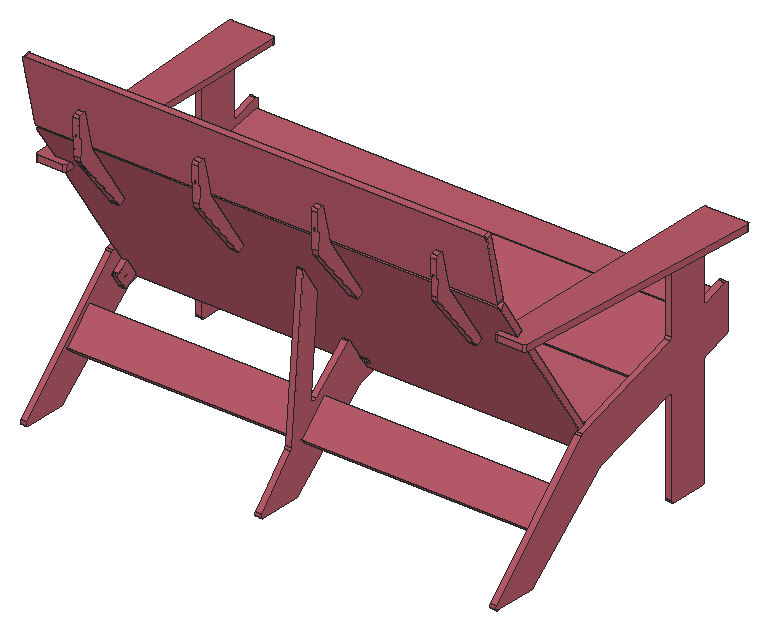
Revit family "Lollygagger_Tall_Sofa", category Furniture, Revit 2016 (continued)
Lines and regions (in)
  symbolic lines, detail levels medium+fine
    curve 45: spline (-23.1875, -12.61307, 0) -> (-23.18536, -12.60573, 0) -> (-23.17898, -12.59852, 0) -> (-23.16847, -12.59155, 0) -> (-23.15401, -12.58495, 0) -> (-23.13584, -12.57884, 0) -> (-23.11428, -12.57331, 0) -> (-23.08969, -12.56846, 0) -> (-23.0625, -12.56437, 0) -> (-23.03317, -12.56112, 0) -> (-23.0022, -12.55875, 0) -> (-22.97013, -12.55732, 0) -> (-22.9375, -12.55684, 0)
    curve 46: line (22.9375, -12.51294, 0) -> (-22.9375, -12.51294, 0)
    curve 47: line (-22.9375, -12.55684, 0) -> (22.9375, -12.55684, 0)
    curve 48: spline (22.9375, -12.55684, 0) -> (22.97013, -12.55732, 0) -> (23.0022, -12.55875, 0) -> (23.03317, -12.56112, 0) -> (23.0625, -12.56437, 0) -> (23.08969, -12.56846, 0) -> (23.11428, -12.57331, 0) -> (23.13584, -12.57884, 0) -> (23.15401, -12.58495, 0) -> (23.16847, -12.59155, 0) -> (23.17898, -12.59852, 0) -> (23.18536, -12.60573, 0) -> (23.1875, -12.61307, 0)
    curve 49: spline (23.1875, -12.37678, 0) -> (23.18536, -12.39455, 0) -> (23.17898, -12.41202, 0) -> (23.16847, -12.42889, 0) -> (23.15401, -12.44486, 0) -> (23.13584, -12.45967, 0) -> (23.11428, -12.47306, 0) -> (23.08969, -12.4848, 0) -> (23.0625, -12.4947, 0) -> (23.03317, -12.50258, 0) -> (23.0022, -12.5083, 0) -> (22.97013, -12.51178, 0) -> (22.9375, -12.51294, 0)
    curve 50: spline (-22.9375, -14.13149, 0) -> (-22.97013, -14.13101, 0) -> (-23.0022, -14.12958, 0) -> (-23.03317, -14.12721, 0) -> (-23.0625, -14.12396, 0) -> (-23.08969, -14.11987, 0) -> (-23.11428, -14.11502, 0) -> (-23.13584, -14.10949, 0) -> (-23.15401, -14.10337, 0) -> (-23.16847, -14.09678, 0) -> (-23.17898, -14.08981, 0) -> (-23.18536, -14.0826, 0) -> (-23.1875, -14.07526, 0)
    curve 51: line (22.9375, -14.13149, 0) -> (-22.9375, -14.13149, 0)
    curve 58: spline (22.9375, -12.51294, 0) -> (22.97013, -12.51178, 0) -> (23.0022, -12.5083, 0) -> (23.03317, -12.50258, 0) -> (23.0625, -12.4947, 0) -> (23.08969, -12.4848, 0) -> (23.11428, -12.47306, 0) -> (23.13584, -12.45967, 0) -> (23.15401, -12.44486, 0) -> (23.16847, -12.42889, 0) -> (23.17898, -12.41202, 0) -> (23.18536, -12.39455, 0) -> (23.1875, -12.37678, 0)
    curve 59: spline (23.1875, -12.61307, 0) -> (23.18536, -12.60573, 0) -> (23.17898, -12.59852, 0) -> (23.16847, -12.59155, 0) -> (23.15401, -12.58495, 0) -> (23.13584, -12.57884, 0) -> (23.11428, -12.57331, 0) -> (23.08969, -12.56846, 0) -> (23.0625, -12.56437, 0) -> (23.03317, -12.56112, 0) -> (23.0022, -12.55875, 0) -> (22.97013, -12.55732, 0) -> (22.9375, -12.55684, 0)
    curve 60: spline (22.9375, -14.13149, 0) -> (22.97013, -14.13101, 0) -> (23.0022, -14.12958, 0) -> (23.03317, -14.12721, 0) -> (23.0625, -14.12396, 0) -> (23.08969, -14.11987, 0) -> (23.11428, -14.11502, 0) -> (23.13584, -14.10949, 0) -> (23.15401, -14.10337, 0) -> (23.16847, -14.09678, 0) -> (23.17898, -14.08981, 0) -> (23.18536, -14.0826, 0) -> (23.1875, -14.07526, 0)
    curve 63: line (0, 10.05316, 22.22123) -> (0, 10.05316, 22.14873)
    curve 64: line (0, 10.05316, 22.14873) -> (0, 9.42797, 22.14873)
    curve 65: line (0, 9.42797, 22.14873) -> (0, 9.42797, 22.22123)
    curve 66: line (0, 7.74047, 9.45673) -> (0, 7.74047, 9.74222)
    curve 67: line (0, 7.41469, 9.98046) -> (0, -1.24942, 7.22453)
    curve 68: line (0, -1.42355, 7.12744) -> (0, -1.99643, 6.63564)
    curve 69: arc (0, -1.24942, 7.22453) -> (0, -1.34137, 7.18475) -> (0, -1.42355, 7.12744) r 0.5
    curve 70: arc (0, 7.74047, 9.74222) -> (0, 7.63805, 9.94402) -> (0, 7.41469, 9.98046) r 0.25
    curve 71: line (0, -2.56293, 11.39646) -> (0, -3.17831, 11.19652)
    curve 72: line (0, -3.19578, 11.19084) -> (0, -3.38758, 11.12852)
    curve 73: arc (0, -3.38758, 11.12852) -> (0, -3.49432, 11.07931) -> (0, -3.58663, 11.00654) r 0.5
    curve 74: line (0, -14.16639, 0.42678) -> (0, -3.58663, 11.00654)
Dimensions and locks (in)
  "Length": plane 5 to plane 4
  equal spacing: plane 5, plane 3 "Center Left/Right", plane 4
  "Thick": plane 7 to plane 4
  "Thick": plane 5 to plane 8
  locked: Extrusion 4 to plane 4 at 2.3125
  locked: plane 5 to Extrusion 1 at 2.3125
  aligned and locked: level to plane 2
  aligned and locked: plane 7 to Extrusion 10
  aligned and locked: Extrusion 8 to plane 8
  aligned and locked: Extrusion 49 to plane 7
  aligned and locked: plane 8 to Extrusion 42
  aligned and locked: plane 9 to Extrusion 8
  aligned and locked: Masking region 2 to plane 9
  aligned and locked: plane 8 to Extrusion 53
  aligned and locked: Extrusion 53 to plane 7
Automatic sketch dimensions
  Extrusion 1 sketch curve to Extrusion 1 sketch curve = 0.01426"  (x2)
  Extrusion 1 sketch curve to Extrusion 1 sketch curve = 0.24959"
  Extrusion 1 sketch curve to Extrusion 1 sketch curve = 1/4"  (x2)
  Extrusion 1 sketch curve to Extrusion 1 sketch curve = 25 3/4"
  Extrusion 1 sketch curve to Extrusion 1 sketch curve = 0"
  Extrusion 1 sketch curve to Extrusion 1 sketch curve = 2.51388"
  Extrusion 1 sketch curve to Extrusion 1 sketch curve = 3.98531"
  Extrusion 3 sketch curve to Extrusion 3 sketch curve = 0.01426"  (x2)
  Extrusion 3 sketch curve to Extrusion 3 sketch curve = 0.24959"
  Extrusion 3 sketch curve to Extrusion 3 sketch curve = 1/4"  (x2)
  Extrusion 3 sketch curve to Extrusion 3 sketch curve = 25 3/4"
  Extrusion 3 sketch curve to Extrusion 3 sketch curve = 0"
  Extrusion 3 sketch curve to Extrusion 3 sketch curve = 2.51388"
  Extrusion 3 sketch curve to Extrusion 3 sketch curve = 3.98531"
  Extrusion 4 sketch curve to Extrusion 4 sketch curve = 0.01426"  (x2)
  Extrusion 4 sketch curve to Extrusion 4 sketch curve = 0.24959"
  Extrusion 4 sketch curve to Extrusion 4 sketch curve = 1/4"  (x2)
  Extrusion 4 sketch curve to Extrusion 4 sketch curve = 25 3/4"
  Extrusion 4 sketch curve to Extrusion 4 sketch curve = 0"
  Extrusion 4 sketch curve to Extrusion 4 sketch curve = 2.51388"
  Extrusion 4 sketch curve to Extrusion 4 sketch curve = 3.98531"
  Extrusion 8 sketch curve to Extrusion 8 sketch curve = 0.07725"  (x3)
  Extrusion 8 sketch curve to Extrusion 8 sketch curve = 0.07578"  (x3)
  Extrusion 8 sketch curve to Extrusion 8 sketch curve = 0.15156"
  Extrusion 8 sketch curve to Extrusion 8 sketch curve = 0.17413"
  Extrusion 8 sketch curve to Extrusion 8 sketch curve = 4.17099"
  Extrusion 8 sketch curve to Extrusion 8 sketch curve = 0.32725"
  Extrusion 8 sketch curve to Extrusion 8 sketch curve = 1/4"  (x5)
  Extrusion 8 sketch curve to Extrusion 8 sketch curve = 3 1/2"
  Extrusion 8 sketch curve to Extrusion 8 sketch curve = 4"
  Extrusion 8 sketch curve to Extrusion 8 sketch curve = 0.17275"
  Extrusion 8 sketch curve to Extrusion 8 sketch curve = 8.58834"
  Extrusion 8 sketch curve to Extrusion 8 sketch curve = 1.98365"
  Extrusion 8 sketch curve to Extrusion 8 sketch curve = 0.15451"
  Extrusion 8 sketch curve to Extrusion 8 sketch curve = 0.19904"
  Extrusion 8 sketch curve to Extrusion 8 sketch curve = 8.23223"
  Extrusion 8 sketch curve to Extrusion 8 sketch curve = 0.16284"
  Extrusion 8 sketch curve to Extrusion 8 sketch curve = 0.17678"  (x3)
  Extrusion 8 sketch curve to Extrusion 8 sketch curve = 0.17422"
  Extrusion 8 sketch curve to Extrusion 8 sketch curve = 2.34549"
  Extrusion 8 sketch curve to Extrusion 8 sketch curve = 2.57578"
  Extrusion 8 sketch curve to Extrusion 8 sketch curve = 1.46214"
  Extrusion 8 sketch curve to Extrusion 8 sketch curve = 3.65674"
  Extrusion 8 sketch curve to Extrusion 8 sketch curve = 0.84342"
  Extrusion 8 sketch curve to Extrusion 8 sketch curve = 3.5596"
  Extrusion 8 sketch curve to Extrusion 8 sketch curve = 0.12197"
  Extrusion 8 sketch curve to Extrusion 8 sketch curve = 1.19315"
  Extrusion 8 sketch curve to Extrusion 8 sketch curve = 3.42846"
  Extrusion 8 sketch curve to Extrusion 8 sketch curve = 0.0971"
  Extrusion 8 sketch curve to Extrusion 8 sketch curve = 6.70066"
  Extrusion 8 sketch curve to Extrusion 8 sketch curve = 9.49222"
  Extrusion 8 sketch curve to Extrusion 8 sketch curve = 0.52433"
  Extrusion 8 sketch curve to Extrusion 8 sketch curve = 5.83322"
  Extrusion 9 sketch curve to Extrusion 9 sketch curve = 0.07725"  (x3)
  Extrusion 9 sketch curve to Extrusion 9 sketch curve = 0.07578"  (x3)
  Extrusion 9 sketch curve to Extrusion 9 sketch curve = 0.15156"
  Extrusion 9 sketch curve to Extrusion 9 sketch curve = 0.17413"
  Extrusion 9 sketch curve to Extrusion 9 sketch curve = 4.17099"
  Extrusion 9 sketch curve to Extrusion 9 sketch curve = 0.32725"
  Extrusion 9 sketch curve to Extrusion 9 sketch curve = 1/4"  (x5)
  Extrusion 9 sketch curve to Extrusion 9 sketch curve = 3 1/2"
  Extrusion 9 sketch curve to Extrusion 9 sketch curve = 4"
  Extrusion 9 sketch curve to Extrusion 9 sketch curve = 0.17275"
  Extrusion 9 sketch curve to Extrusion 9 sketch curve = 8.58834"
  Extrusion 9 sketch curve to Extrusion 9 sketch curve = 1.98365"
  Extrusion 9 sketch curve to Extrusion 9 sketch curve = 0.15451"
  Extrusion 9 sketch curve to Extrusion 9 sketch curve = 0.19904"
  Extrusion 9 sketch curve to Extrusion 9 sketch curve = 8.23223"
  Extrusion 9 sketch curve to Extrusion 9 sketch curve = 0.16284"
  Extrusion 9 sketch curve to Extrusion 9 sketch curve = 0.17678"  (x3)
  Extrusion 9 sketch curve to Extrusion 9 sketch curve = 0.17422"
  Extrusion 9 sketch curve to Extrusion 9 sketch curve = 2.34549"
  Extrusion 9 sketch curve to Extrusion 9 sketch curve = 2.57578"
  Extrusion 9 sketch curve to Extrusion 9 sketch curve = 1.46214"
  Extrusion 9 sketch curve to Extrusion 9 sketch curve = 3.65674"
  Extrusion 9 sketch curve to Extrusion 9 sketch curve = 0.84342"
  Extrusion 9 sketch curve to Extrusion 9 sketch curve = 3.5596"
  Extrusion 9 sketch curve to Extrusion 9 sketch curve = 0.12197"
  Extrusion 9 sketch curve to Extrusion 9 sketch curve = 1.19315"
  Extrusion 9 sketch curve to Extrusion 9 sketch curve = 3.42846"
  Extrusion 9 sketch curve to Extrusion 9 sketch curve = 0.0971"
  Extrusion 9 sketch curve to Extrusion 9 sketch curve = 6.70066"
  Extrusion 9 sketch curve to Extrusion 9 sketch curve = 9.49222"
  Extrusion 9 sketch curve to Extrusion 9 sketch curve = 0.52433"
  Extrusion 9 sketch curve to Extrusion 9 sketch curve = 5.83322"
  Extrusion 10 sketch curve to Extrusion 10 sketch curve = 0.07725"  (x3)
  Extrusion 10 sketch curve to Extrusion 10 sketch curve = 0.07578"  (x3)
  Extrusion 10 sketch curve to Extrusion 10 sketch curve = 0.15156"
  Extrusion 10 sketch curve to Extrusion 10 sketch curve = 0.17413"
  Extrusion 10 sketch curve to Extrusion 10 sketch curve = 4.17099"
  Extrusion 10 sketch curve to Extrusion 10 sketch curve = 0.32725"
  Extrusion 10 sketch curve to Extrusion 10 sketch curve = 1/4"  (x5)
  Extrusion 10 sketch curve to Extrusion 10 sketch curve = 3 1/2"
  Extrusion 10 sketch curve to Extrusion 10 sketch curve = 4"
  Extrusion 10 sketch curve to Extrusion 10 sketch curve = 0.17275"
  Extrusion 10 sketch curve to Extrusion 10 sketch curve = 8.58834"
  Extrusion 10 sketch curve to Extrusion 10 sketch curve = 1.98365"
  Extrusion 10 sketch curve to Extrusion 10 sketch curve = 0.15451"
  Extrusion 10 sketch curve to Extrusion 10 sketch curve = 0.19904"
  Extrusion 10 sketch curve to Extrusion 10 sketch curve = 8.23223"
  Extrusion 10 sketch curve to Extrusion 10 sketch curve = 0.16284"
  Extrusion 10 sketch curve to Extrusion 10 sketch curve = 0.17678"  (x3)
  Extrusion 10 sketch curve to Extrusion 10 sketch curve = 0.17422"
  Extrusion 10 sketch curve to Extrusion 10 sketch curve = 2.34549"
  Extrusion 10 sketch curve to Extrusion 10 sketch curve = 2.57578"
  Extrusion 10 sketch curve to Extrusion 10 sketch curve = 1.46214"
  Extrusion 10 sketch curve to Extrusion 10 sketch curve = 3.65674"
  Extrusion 10 sketch curve to Extrusion 10 sketch curve = 0.84342"
  Extrusion 10 sketch curve to Extrusion 10 sketch curve = 3.5596"
  Extrusion 10 sketch curve to Extrusion 10 sketch curve = 0.12197"
  Extrusion 10 sketch curve to Extrusion 10 sketch curve = 1.19315"
  Extrusion 10 sketch curve to Extrusion 10 sketch curve = 3.42846"
  Extrusion 10 sketch curve to Extrusion 10 sketch curve = 0.0971"
  Extrusion 10 sketch curve to Extrusion 10 sketch curve = 6.70066"
  Extrusion 10 sketch curve to Extrusion 10 sketch curve = 9.49222"
  Extrusion 10 sketch curve to Extrusion 10 sketch curve = 0.52433"
  Extrusion 10 sketch curve to Extrusion 10 sketch curve = 5.83322"
  Extrusion 16 sketch curve to Extrusion 16 sketch curve = 0.75006"
  Extrusion 17 sketch curve to Extrusion 17 sketch curve = 0.67321"
  Extrusion 17 sketch curve to Extrusion 17 sketch curve = 0.13541"
  Extrusion 16 sketch curve to Extrusion 16 sketch curve = 0.24898"
  Extrusion 16 sketch curve to Extrusion 16 sketch curve = 0.37591"
  Extrusion 16 sketch curve to Extrusion 16 sketch curve = 1.31352"
  Extrusion 16 sketch curve to Extrusion 16 sketch curve = 0.75097"
  Extrusion 17 sketch curve to Extrusion 17 sketch curve = 0.34044"
  Extrusion 17 sketch curve to Extrusion 17 sketch curve = 0.13462"
  Extrusion 17 sketch curve to Extrusion 17 sketch curve = 1.65284"
  Extrusion 17 sketch curve to Extrusion 17 sketch curve = 0.43196"
  Extrusion 17 sketch curve to Extrusion 17 sketch curve = 0.34407"
  Extrusion 17 sketch curve to Extrusion 17 sketch curve = 0.91656"
  Extrusion 17 sketch curve to Extrusion 17 sketch curve = 0.98984"
  Extrusion 16 sketch curve to Extrusion 16 sketch curve = 1/4"
  Extrusion 17 sketch curve to Extrusion 17 sketch curve = 0.00845"
  Extrusion 24 sketch curve to Extrusion 24 sketch curve = 0.19222"
  Extrusion 24 to Extrusion 25 sketch curve = 0.31204"
  Extrusion 25 sketch curve to Extrusion 24 = 1.57556"
  Extrusion 24 sketch curve to Extrusion 24 sketch curve = 0.04835"
  Extrusion 24 sketch curve to Extrusion 24 sketch curve = 0.1934"
  Extrusion 24 sketch curve to Extrusion 24 sketch curve = 0.11539"
  Extrusion 24 sketch curve to Extrusion 24 sketch curve = 0.62424"
  Extrusion 24 sketch curve to Extrusion 24 sketch curve = 0.05777"
  Extrusion 24 sketch curve to Extrusion 24 sketch curve = 0.10771"
  Extrusion 24 sketch curve to Extrusion 24 sketch curve = 0.23492"
  Extrusion 24 sketch curve to Extrusion 24 sketch curve = 0.48671"
  Extrusion 24 sketch curve to Extrusion 24 sketch curve = 0.31703"
  Extrusion 26 sketch curve to Extrusion 26 sketch curve = 0.19222"
  Extrusion 26 to Extrusion 27 sketch curve = 0.31204"
  Extrusion 27 sketch curve to Extrusion 26 = 1.57556"
  Extrusion 26 sketch curve to Extrusion 26 sketch curve = 0.04835"
  Extrusion 26 sketch curve to Extrusion 26 sketch curve = 0.1934"
  Extrusion 26 sketch curve to Extrusion 26 sketch curve = 0.11539"
  Extrusion 26 sketch curve to Extrusion 26 sketch curve = 0.62424"
  Extrusion 26 sketch curve to Extrusion 26 sketch curve = 0.05777"
  Extrusion 26 sketch curve to Extrusion 26 sketch curve = 0.10771"
  Extrusion 26 sketch curve to Extrusion 26 sketch curve = 0.23492"
  Extrusion 26 sketch curve to Extrusion 26 sketch curve = 0.48671"
  Extrusion 26 sketch curve to Extrusion 26 sketch curve = 0.31703"
  Extrusion 28 sketch curve to Extrusion 28 sketch curve = 0.19222"
  Extrusion 28 to Extrusion 29 sketch curve = 0.31204"
  Extrusion 29 sketch curve to Extrusion 28 = 1.57556"
  Extrusion 28 sketch curve to Extrusion 28 sketch curve = 0.04835"
  Extrusion 28 sketch curve to Extrusion 28 sketch curve = 0.1934"
  Extrusion 28 sketch curve to Extrusion 28 sketch curve = 0.11539"
  Extrusion 28 sketch curve to Extrusion 28 sketch curve = 0.62424"
  Extrusion 28 sketch curve to Extrusion 28 sketch curve = 0.05777"
  Extrusion 28 sketch curve to Extrusion 28 sketch curve = 0.10771"
  Extrusion 28 sketch curve to Extrusion 28 sketch curve = 0.23492"
  Extrusion 28 sketch curve to Extrusion 28 sketch curve = 0.48671"
  Extrusion 28 sketch curve to Extrusion 28 sketch curve = 0.31703"
  Extrusion 30 sketch curve to Extrusion 30 sketch curve = 0.19222"
  Extrusion 30 to Extrusion 31 sketch curve = 0.31204"
  Extrusion 31 sketch curve to Extrusion 30 = 1.57556"
  Extrusion 30 sketch curve to Extrusion 30 sketch curve = 0.04835"
  Extrusion 30 sketch curve to Extrusion 30 sketch curve = 0.1934"
  Extrusion 30 sketch curve to Extrusion 30 sketch curve = 0.11539"
  Extrusion 30 sketch curve to Extrusion 30 sketch curve = 0.62424"
  Extrusion 30 sketch curve to Extrusion 30 sketch curve = 0.05777"
  Extrusion 30 sketch curve to Extrusion 30 sketch curve = 0.10771"
  Extrusion 30 sketch curve to Extrusion 30 sketch curve = 0.23492"
  Extrusion 30 sketch curve to Extrusion 30 sketch curve = 0.48671"
  Extrusion 30 sketch curve to Extrusion 30 sketch curve = 0.31703"
  Extrusion 32 sketch curve to Extrusion 32 sketch curve = 0.19222"
  Extrusion 32 to Extrusion 33 sketch curve = 0.31204"
  Extrusion 33 sketch curve to Extrusion 32 = 1.57556"
  Extrusion 32 sketch curve to Extrusion 32 sketch curve = 0.04835"
  Extrusion 32 sketch curve to Extrusion 32 sketch curve = 0.1934"
  Extrusion 32 sketch curve to Extrusion 32 sketch curve = 0.11539"
  Extrusion 32 sketch curve to Extrusion 32 sketch curve = 0.62424"
  Extrusion 32 sketch curve to Extrusion 32 sketch curve = 0.05777"
  Extrusion 32 sketch curve to Extrusion 32 sketch curve = 0.10771"
  Extrusion 32 sketch curve to Extrusion 32 sketch curve = 0.23492"
  Extrusion 32 sketch curve to Extrusion 32 sketch curve = 0.48671"
  Extrusion 32 sketch curve to Extrusion 32 sketch curve = 0.31703"
  Extrusion 32 sketch curve to Extrusion 32 sketch curve = 0.20165"
  Extrusion 32 sketch curve to Extrusion 32 sketch curve = 3.41039"
  Extrusion 32 sketch curve to Extrusion 32 sketch curve = 6.97885"
  Extrusion 32 sketch curve to Extrusion 32 sketch curve = 0.08551"
  Extrusion 32 sketch curve to Extrusion 32 sketch curve = 0.47513"
  Extrusion 32 sketch curve to Extrusion 32 sketch curve = 0.51835"
  Extrusion 32 sketch curve to Extrusion 32 sketch curve = 0.90243"
  Extrusion 24 sketch curve to Extrusion 24 sketch curve = 0.20165"
  Extrusion 24 sketch curve to Extrusion 24 sketch curve = 3.41039"
  Extrusion 24 sketch curve to Extrusion 24 sketch curve = 6.97885"
  Extrusion 24 sketch curve to Extrusion 24 sketch curve = 0.08551"
  Extrusion 24 sketch curve to Extrusion 24 sketch curve = 0.47513"
  Extrusion 24 sketch curve to Extrusion 24 sketch curve = 0.51835"
  Extrusion 24 sketch curve to Extrusion 24 sketch curve = 0.90243"
  Extrusion 26 sketch curve to Extrusion 26 sketch curve = 0.20165"
  Extrusion 26 sketch curve to Extrusion 26 sketch curve = 3.41039"
  Extrusion 26 sketch curve to Extrusion 26 sketch curve = 6.97885"
  Extrusion 26 sketch curve to Extrusion 26 sketch curve = 0.08551"
  Extrusion 26 sketch curve to Extrusion 26 sketch curve = 0.47513"
  Extrusion 26 sketch curve to Extrusion 26 sketch curve = 0.51835"
  Extrusion 26 sketch curve to Extrusion 26 sketch curve = 0.90243"
  Extrusion 28 sketch curve to Extrusion 28 sketch curve = 0.20165"
  Extrusion 28 sketch curve to Extrusion 28 sketch curve = 3.41039"
  Extrusion 28 sketch curve to Extrusion 28 sketch curve = 6.97885"
  Extrusion 28 sketch curve to Extrusion 28 sketch curve = 0.08551"
  Extrusion 28 sketch curve to Extrusion 28 sketch curve = 0.47513"
  Extrusion 28 sketch curve to Extrusion 28 sketch curve = 0.51835"
  Extrusion 28 sketch curve to Extrusion 28 sketch curve = 0.90243"
  Extrusion 30 sketch curve to Extrusion 30 sketch curve = 0.20165"
  Extrusion 30 sketch curve to Extrusion 30 sketch curve = 3.41039"
  Extrusion 30 sketch curve to Extrusion 30 sketch curve = 6.97885"
  Extrusion 30 sketch curve to Extrusion 30 sketch curve = 0.08551"
  Extrusion 30 sketch curve to Extrusion 30 sketch curve = 0.47513"
  Extrusion 30 sketch curve to Extrusion 30 sketch curve = 0.51835"
  Extrusion 30 sketch curve to Extrusion 30 sketch curve = 0.90243"
  Extrusion 39 sketch curve to Extrusion 39 sketch curve = 0.75006"
  Extrusion 40 sketch curve to Extrusion 40 sketch curve = 0.67321"
  Extrusion 40 sketch curve to Extrusion 40 sketch curve = 0.13541"
  Extrusion 39 sketch curve to Extrusion 39 sketch curve = 0.24898"
  Extrusion 39 sketch curve to Extrusion 39 sketch curve = 0.37591"
  Extrusion 39 sketch curve to Extrusion 39 sketch curve = 1.31352"
  Extrusion 39 sketch curve to Extrusion 39 sketch curve = 0.75097"
  Extrusion 40 sketch curve to Extrusion 40 sketch curve = 0.34044"
  Extrusion 40 sketch curve to Extrusion 40 sketch curve = 0.13462"
  Extrusion 40 sketch curve to Extrusion 40 sketch curve = 1.65284"
  Extrusion 40 sketch curve to Extrusion 40 sketch curve = 0.43196"
  Extrusion 40 sketch curve to Extrusion 40 sketch curve = 0.34407"
  Extrusion 40 sketch curve to Extrusion 40 sketch curve = 0.91656"
  Extrusion 40 sketch curve to Extrusion 40 sketch curve = 0.98984"
  Extrusion 39 sketch curve to Extrusion 39 sketch curve = 1/4"
  Extrusion 40 sketch curve to Extrusion 40 sketch curve = 0.00845"
  Extrusion 41 sketch curve to Extrusion 41 sketch curve = 0.19256"  (x2)
  Extrusion 41 sketch curve to Extrusion 41 sketch curve = 0.05198"  (x2)
  Extrusion 41 sketch curve to Extrusion 41 sketch curve = 0.27288"  (x2)
  Extrusion 41 sketch curve to Extrusion 41 sketch curve = 0.81193"
  Extrusion 41 sketch curve to Extrusion 41 sketch curve = 0.60331"
  Extrusion 41 sketch curve to Extrusion 41 sketch curve = 0.24454"  (x2)
  Extrusion 41 sketch curve to Extrusion 41 sketch curve = 0.31187"
  Extrusion 41 sketch curve to Extrusion 41 sketch curve = 0.52275"
  Extrusion 42 sketch curve to Extrusion 42 sketch curve = 1.08928"
  Extrusion 42 sketch curve to Extrusion 42 sketch curve = 1.10076"
  Extrusion 42 sketch curve to Extrusion 42 sketch curve = 0.13616"  (x2)
  Extrusion 42 sketch curve to Extrusion 42 sketch curve = 0.09438"
  Extrusion 42 sketch curve to Extrusion 42 sketch curve = 0.20967"  (x2)
  Extrusion 42 sketch curve to Extrusion 42 sketch curve = 0.72258"
  Extrusion 42 sketch curve to Extrusion 42 sketch curve = 0.07351"
  Extrusion 42 sketch curve to Extrusion 42 sketch curve = 183/256"
  Extrusion 42 sketch curve to Extrusion 42 sketch curve = 0.83303"
  Extrusion 42 sketch curve to Extrusion 42 sketch curve = 0.34583"
  Extrusion 43 sketch curve to Extrusion 43 sketch curve = 0"
  Extrusion 43 sketch curve to Extrusion 43 sketch curve = 0.17678"  (x4)
  Extrusion 43 sketch curve to Extrusion 43 sketch curve = 0.92808"  (x3)
  Extrusion 43 sketch curve to Extrusion 43 sketch curve = 0.79599"
  Extrusion 43 sketch curve to Extrusion 43 sketch curve = 0.08789"
  Extrusion 43 sketch curve to Extrusion 43 sketch curve = 0.79641"
  Extrusion 43 sketch curve to Extrusion 43 sketch curve = 0.35355"
  Extrusion 44 sketch curve to Extrusion 44 sketch curve = 0.00016"  (x2)
  Extrusion 44 sketch curve to Extrusion 44 sketch curve = 1 3/4"
  Extrusion 44 sketch curve to Extrusion 44 sketch curve = 5/16"
  Extrusion 44 sketch curve to Extrusion 44 sketch curve = 0.00108"  (x2)
  Extrusion 45 sketch curve to Extrusion 45 sketch curve = 0.15555"
  Extrusion 45 sketch curve to Extrusion 45 sketch curve = 0.20841"
  Extrusion 45 sketch curve to Extrusion 45 sketch curve = 0.29159"
  Extrusion 45 sketch curve to Extrusion 45 sketch curve = 0.00513"
  Extrusion 45 sketch curve to Extrusion 45 sketch curve = 0.28646"
  Extrusion 45 sketch curve to Extrusion 45 sketch curve = 0.33229"
  Extrusion 45 sketch curve to Extrusion 45 sketch curve = 0.16771"
  Extrusion 45 sketch curve to Extrusion 45 sketch curve = 0.12064"
  Extrusion 45 sketch curve to Extrusion 45 sketch curve = 1/256"
  Extrusion 45 sketch curve to Extrusion 45 sketch curve = 0.48789"  (x2)
  Extrusion 45 sketch curve to Extrusion 45 sketch curve = 0.20729"
  curve 52 to plane 5 = 0"
  curve 52 to plane 8 = 0"
  curve 57 to plane 7 = 0"
  curve 61 to plane 4 = 0"
  curve 41 to plane 8 = 1/8"
  curve 46 to plane 8 = 1/4"
  curve 51 to plane 8 = 1/4"
  curve 47 to curve 44 = 0"
  curve 41 to curve 41 = 1 5/16"
  curve 40 to curve 32 = 1/4"
  curve 38 to plane 3 "Center Left/Right" = 5/16"
  plane 3 "Center Left/Right" to curve 39 = 5/16"
  plane 7 to curve 53 = 1 11/16"
  curve 54 to curve 55 = 1/4"
  plane 7 to curve 51 = 1/4"
  plane 7 to curve 46 = 1/4"
  curve 47 to curve 58 = 0"
  plane 7 to curve 55 = 1/8"
  plane 1 "Center Front/Back" to curve 38 = 2.16819"
  plane 6 to curve 32 = 4.70592"
  plane 6 to curve 53 = 4.70592"
  curve 55 to curve 54 = 0.13616"
  curve 41 to curve 40 = 0.13616"
  curve 57 to curve 55 = 0.06808"
  curve 43 to curve 42 = 0.06808"
  plane 6 to curve 46 = 2.22753"
  curve 47 to curve 58 = 0.0439"
  plane 6 to curve 51 = 0.60898"
  curve 34 to plane 1 "Center Front/Back" = 4.01756"
  curve 35 to curve 34 = 0.11929"
  curve 37 to curve 38 = 0.19758"
  curve 44 to curve 52 = 1.00341"
  curve 46 to curve 61 = 1.00341"
  curve 46 to curve 49 = 0.13616"
  curve 58 to curve 49 = 0"
  curve 46 to curve 44 = 0.13616"
  curve 45 to curve 44 = 0.23629"
  curve 48 to curve 58 = 0.23629"
  curve 59 to curve 48 = 0"
  curve 51 to curve 60 = 0.05624"
  curve 50 to curve 50 = 0.05624"
  curve 43 to curve 50 = 0.16436"
  curve 57 to curve 60 = 0.16436"
  plane 5 to curve 16 = 0"
  plane 8 to curve 12 = 0"
  plane 8 to curve 20 = 0"
  plane 8 to curve 17 = 0"
  plane 7 to curve 4 = 0"
  plane 7 to curve 10 = 0"
  plane 7 to curve 1 = 0"
  plane 4 to curve 10 = 0"
  curve 13 to plane 8 = 1/8"
  curve 19 to plane 8 = 7/8"
  curve 19 to curve 13 = 9/16"
  curve 14 to curve 21 = 1/4"
  curve 15 to curve 20 = 0"
  plane 7 to curve 3 = 1 11/16"
  curve 7 to curve 1 = 0"
  curve 6 to curve 5 = 1/4"
  curve 2 to curve 8 = 13/16"
  plane 7 to curve 5 = 1/8"
  level to curve 8 = 22.14873"
  level to curve 18 = 22.14873"
  curve 18 to curve 22 = 0.0725"
  curve 8 to curve 3 = 0.0725"
  curve 21 to curve 21 = 5/8"
  curve 2 to curve 2 = 5/8"
  curve 20 to curve 15 = 0.05553"
  curve 1 to curve 7 = 0.05553"
  curve 6 to curve 5 = 0.20967"
  curve 20 to curve 13 = 0.2652"
  plane 5 to curve 18 = 7/8"
  curve 22 to curve 18 = 0.008"
  curve 8 to plane 4 = 7/8"
  curve 8 to curve 3 = 0.008"
  curve 16 to curve 17 = 5.23638"
  curve 10 to curve 11 = 5.23638"
  level to curve 11 = 0.25498"
  level to curve 17 = 0.25498"
  curve 21 to curve 15 = 0.25713"
  curve 2 to curve 7 = 0.25713"
  curve 4 to curve 4 = 0.10483"
  curve 12 to curve 12 = 0.10483"
  plane 6 to curve 28 = 3.23095"
  curve 27 to curve 30 = 1 19/32"
  plane 1 "Center Front/Back" to curve 74 = 3.58663"
  curve 73 to curve 72 = 0.19904"
  curve 73 to curve 73 = 0.15451"
  plane 1 "Center Front/Back" to curve 68 = 1.42355"
  curve 68 to curve 67 = 0.17413"
  curve 69 to curve 69 = 0.15156"
  curve 70 to curve 70 = 0.07578"
  curve 70 to curve 66 = 1/4"
  curve 64 to curve 64 = 0.62519"
  level to curve 69 = 6.74806"
  curve 69 to curve 68 = 0.37938"
  curve 69 to curve 66 = 2.99417"
  curve 67 to curve 73 = 3.42846"
  curve 73 to curve 74 = 0.35355"
  curve 74 to curve 30 = 10.44545"
  curve 67 to curve 64 = 12.16827"
  curve 29 to curve 28 = 0.76924"
  curve 27 to curve 27 = 5/8"
  plane 6 to curve 24 = 1.70337"
  curve 23 to curve 24 = 0.12871"
  plane 6 to curve 23 = 0.78585"
  plane 6 to curve 74 = 0.57408"
  curve 26 to curve 24 = 0.7658"
  curve 24 to curve 25 = 0.16463"
  curve 25 to curve 30 = 0.16375"
  curve 30 to curve 31 = 0.0775"
  curve 25 to curve 25 = 0.40837"
  curve 25 to curve 26 = 0.17222"
  curve 26 to curve 28 = 0.41588"
  curve 29 to curve 31 = 2.61913"
  curve 72 to curve 72 = 0.1918"
  curve 72 to curve 71 = 0.01747"
  curve 71 to curve 71 = 0.61538"
  curve 68 to curve 69 = 0.57288"
  curve 62 to curve 65 = 1.7025"
  curve 63 to curve 62 = 1.70231"
  curve 68 to curve 69 = 0.4918"
  level to curve 74 = 0.42678"
  curve 66 to curve 70 = 0.28549"
  curve 72 to curve 72 = 0.06232"
  curve 72 to curve 71 = 0.00568"
  curve 71 to curve 71 = 0.19995"
  curve 64 to curve 65 = 0.0725"
  curve 26 to curve 25 = 0.2652"
  curve 26 to curve 24 = 3.53151"
  curve 24 to curve 23 = 0.30251"
  curve 23 to curve 23 = 3.41671"
  Masking region 1 sketch curve to plane 5 = 0"
  Masking region 1 sketch curve to plane 8 = 0"
  Masking region 1 sketch curve to plane 6 = 0"
  Masking region 1 sketch curve to plane 7 = 0"
  Masking region 1 sketch curve to plane 4 = 0"
  plane 5 to Masking region 1 sketch curve = 0.45138"
  Masking region 1 sketch curve to Masking region 1 sketch curve = 0.24959"  (x4)
  plane 5 to Masking region 1 sketch curve = 1.92281"
  Masking region 1 sketch curve to plane 8 = 1/4"
  Masking region 1 sketch curve to plane 8 = 1 7/16"
  plane 7 to Masking region 1 sketch curve = 1.68531"
  Masking region 1 sketch curve to Masking region 1 sketch curve = 0.24781"  (x2)
  plane 7 to Masking region 1 sketch curve = 1/4"
  Masking region 1 sketch curve to plane 4 = 0.45138"
  Masking region 1 sketch curve to plane 4 = 1.92281"
  plane 6 to Masking region 1 sketch curve = 0.05624"  (x2)
  Masking region 1 sketch curve to Masking region 1 sketch curve = 0.44462"
  plane 6 to Masking region 1 sketch curve = 0.50086"
  Masking region 1 sketch curve to Masking region 1 sketch curve = 2.73009"  (x2)
  Masking region 1 sketch curve to Masking region 1 sketch curve = 0.23574"  (x2)
  Masking region 2 sketch curve to plane 6 = 0"
  Masking region 2 sketch curve to level = 0"  (x2)
  plane 6 to Masking region 2 sketch curve = 0.08715"
  plane 6 to Masking region 2 sketch curve = 0.19928"
  plane 6 to Masking region 2 sketch curve = 0.28078"
  Masking region 2 sketch curve to Masking region 2 sketch curve = 0.24987"
  plane 6 to Masking region 2 sketch curve = 0.41637"
  plane 6 to Masking region 2 sketch curve = 0.56416"
  plane 6 to Masking region 2 sketch curve = 0.60898"
  Masking region 2 sketch curve to Masking region 2 sketch curve = 0.18669"
  Masking region 2 sketch curve to Masking region 2 sketch curve = 0.50506"
  Masking region 2 sketch curve to Masking region 2 sketch curve = 0.78239"
  Masking region 2 sketch curve to Masking region 2 sketch curve = 0.3759"
  Masking region 2 sketch curve to Masking region 2 sketch curve = 0.0225"
  Masking region 2 sketch curve to Masking region 2 sketch curve = 0.05089"
  Masking region 2 sketch curve to Masking region 2 sketch curve = 0.05533"
  Masking region 2 sketch curve to Masking region 2 sketch curve = 0.3145"
  Masking region 2 sketch curve to Masking region 2 sketch curve = 0.2211"
  Masking region 2 sketch curve to Masking region 2 sketch curve = 0.0439"
  plane 6 to Masking region 2 sketch curve = 3.81151"
  Masking region 2 sketch curve to Masking region 2 sketch curve = 0.37339"
  Masking region 2 sketch curve to Masking region 2 sketch curve = 0.12471"
  Masking region 2 sketch curve to Masking region 2 sketch curve = 2.51445"
  level to Masking region 2 sketch curve = 1/4"  (x4)
  Masking region 2 sketch curve to Masking region 2 sketch curve = 4.17099"
  Masking region 2 sketch curve to Masking region 2 sketch curve = 0.21468"
  level to Masking region 2 sketch curve = 0.06031"
  Masking region 2 sketch curve to Masking region 2 sketch curve = 0.40588"
  Masking region 2 sketch curve to Masking region 2 sketch curve = 0.1956"
  Masking region 2 sketch curve to Masking region 2 sketch curve = 0.13616"
  Masking region 2 sketch curve to Masking region 2 sketch curve = 0.36142"
  Masking region 2 sketch curve to Masking region 2 sketch curve = 0.02981"
  Masking region 2 sketch curve to Masking region 2 sketch curve = 0.12452"
  Masking region 2 sketch curve to Masking region 2 sketch curve = 2.31367"
  Masking region 2 sketch curve to Masking region 2 sketch curve = 0.4981"
  Masking region 2 sketch curve to Masking region 2 sketch curve = 1.63928"
  Masking region 2 sketch curve to Masking region 2 sketch curve = 0.32454"
  Masking region 2 sketch curve to Masking region 2 sketch curve = 0.07858"
  Masking region 2 sketch curve to Masking region 2 sketch curve = 0.24905"
  plane 1 "Center Front/Back" to Masking region 2 sketch curve = 3.36525"
  Masking region 2 sketch curve to Masking region 2 sketch curve = 0.08114"
  Masking region 2 sketch curve to Masking region 2 sketch curve = 0.05615"
  Masking region 2 sketch curve to Masking region 2 sketch curve = 0.03159"
  Masking region 2 sketch curve to Masking region 2 sketch curve = 0.63345"
  plane 1 "Center Front/Back" to Masking region 2 sketch curve = 1.95269"
  Masking region 2 sketch curve to plane 1 "Center Front/Back" = 5.28321"
  Masking region 2 sketch curve to Masking region 2 sketch curve = 1.61807"
  Masking region 2 sketch curve to Masking region 2 sketch curve = 2.211"
  Masking region 2 sketch curve to Masking region 2 sketch curve = 0.17557"
  Masking region 2 sketch curve to Masking region 2 sketch curve = 0.8392"
  Masking region 2 sketch curve to Masking region 2 sketch curve = 0.17422"
  Masking region 2 sketch curve to Masking region 2 sketch curve = 1/4"  (x3)
  Masking region 2 sketch curve to Masking region 2 sketch curve = 0.07725"  (x2)
  Masking region 2 sketch curve to Masking region 2 sketch curve = 4.23182"
  Masking region 2 sketch curve to Masking region 2 sketch curve = 0.28896"
  level to Masking region 2 sketch curve = 6.67318"
  Masking region 2 sketch curve to Masking region 2 sketch curve = 3.07397"
  Masking region 2 sketch curve to Masking region 2 sketch curve = 0.38036"
  Masking region 2 sketch curve to Masking region 2 sketch curve = 8.90277"
  Masking region 2 sketch curve to Masking region 2 sketch curve = 0.30396"
  Masking region 2 sketch curve to Masking region 2 sketch curve = 4.42922"
  Masking region 2 sketch curve to Masking region 2 sketch curve = 1.71688"
  Masking region 2 sketch curve to Masking region 2 sketch curve = 0.09509"
  Masking region 2 sketch curve to Masking region 2 sketch curve = 0.01026"
  Masking region 2 sketch curve to Masking region 2 sketch curve = 0.17213"
  Masking region 2 sketch curve to Masking region 2 sketch curve = 0.84342"
  Masking region 2 sketch curve to Masking region 2 sketch curve = 0.2092"
  Masking region 2 sketch curve to Masking region 2 sketch curve = 3.65674"
  Masking region 2 sketch curve to Masking region 2 sketch curve = 0.52433"
  Masking region 2 sketch curve to Masking region 2 sketch curve = 6.08333"
  Masking region 2 sketch curve to Masking region 2 sketch curve = 0.02179"
  Masking region 2 sketch curve to Masking region 2 sketch curve = 2.44257"
  Masking region 2 sketch curve to Masking region 2 sketch curve = 0.05397"
  Masking region 2 sketch curve to Masking region 2 sketch curve = 0.17249"
  Masking region 2 sketch curve to Masking region 2 sketch curve = 0.01089"
  Masking region 2 sketch curve to Masking region 2 sketch curve = 2.10531"
  Masking region 2 sketch curve to Masking region 2 sketch curve = 0"
  Masking region 2 sketch curve to Masking region 2 sketch curve = 5/8"
  Masking region 2 sketch curve to Masking region 2 sketch curve = 2.81772"
  Masking region 2 sketch curve to Masking region 2 sketch curve = 0.59054"
  Masking region 2 sketch curve to Masking region 2 sketch curve = 0.09099"
  Masking region 2 sketch curve to Masking region 2 sketch curve = 0.11988"
  Masking region 2 sketch curve to Masking region 2 sketch curve = 0.09744"
  Masking region 2 sketch curve to Masking region 2 sketch curve = 0.25166"
  plane 5 to Masking region 3 sketch curve = 0"
  plane 8 to Masking region 3 sketch curve = 0"  (x3)
  Masking region 3 sketch curve to level = 0"  (x3)
  plane 7 to Masking region 3 sketch curve = 0"  (x3)
  plane 4 to Masking region 3 sketch curve = 0"
  plane 5 to Masking region 3 sketch curve = 0.883"
  Masking region 3 sketch curve to Masking region 3 sketch curve = 1.28981"  (x2)
  Masking region 3 sketch curve to plane 8 = 1/4"
  level to Masking region 3 sketch curve = 0.26998"  (x2)
  Masking region 3 sketch curve to plane 8 = 1 3/4"
  Masking region 3 sketch curve to Masking region 3 sketch curve = 1/4"  (x2)
  Masking region 3 sketch curve to plane 8 = 2"
  Masking region 3 sketch curve to plane 3 "Center Left/Right" = 15/16"
  Masking region 3 sketch curve to plane 3 "Center Left/Right" = 5/16"  (x2)
  plane 3 "Center Left/Right" to Masking region 3 sketch curve = 5/16"  (x2)
  plane 7 to Masking region 3 sketch curve = 2"  (x2)
  plane 7 to Masking region 3 sketch curve = 1/4"  (x3)
  Masking region 3 sketch curve to Masking region 3 sketch curve = 0.883"
  Masking region 3 sketch curve to Masking region 3 sketch curve = 4.16986"
  Masking region 3 sketch curve to Masking region 3 sketch curve = 0.29419"  (x2)
  Masking region 3 sketch curve to Masking region 3 sketch curve = 3.27037"  (x2)
  Masking region 3 sketch curve to Masking region 3 sketch curve = 0.19257"  (x2)
  Masking region 3 sketch curve to Masking region 3 sketch curve = 14.22174"  (x2)
  Masking region 3 sketch curve to Masking region 3 sketch curve = 0.0725"  (x2)
  Masking region 3 sketch curve to Masking region 3 sketch curve = 0.6975"  (x2)
  Masking region 3 sketch curve to Masking region 3 sketch curve = 3.66224"  (x2)
  Masking region 3 sketch curve to Masking region 3 sketch curve = 0.41537"  (x2)
  Masking region 3 sketch curve to Masking region 3 sketch curve = 6.474"  (x2)
  Masking region 3 sketch curve to Masking region 3 sketch curve = 0.24359"
  Masking region 3 sketch curve to plane 8 = 0.14994"
  Masking region 3 sketch curve to Masking region 3 sketch curve = 0.10006"  (x2)
  plane 7 to Masking region 3 sketch curve = 0.14994"
  Masking region 3 sketch curve to Masking region 3 sketch curve = 0.19214"  (x2)
  Extrusion 2 sketch curve to plane 7 = 0"  (x2)
  Extrusion 2 sketch curve to plane 8 = 0"  (x2)
  Extrusion 2 sketch curve to Extrusion 2 sketch curve = 1/4"  (x3)
  Extrusion 2 sketch curve to plane 7 = 1/4"
  Extrusion 2 sketch curve to Extrusion 2 sketch curve = 1/8"  (x7)
  plane 7 to Extrusion 2 sketch curve = 1/8"  (x2)
  plane 7 to Extrusion 2 sketch curve = 1/4"
  Extrusion 2 sketch curve to Extrusion 2 sketch curve = 1 5/16"
  Extrusion 2 sketch curve to Extrusion 2 sketch curve = 0"  (x2)
  plane 3 "Center Left/Right" to Extrusion 2 sketch curve = 0.4525"
  plane 3 "Center Left/Right" to Extrusion 2 sketch curve = 0.0675"
  Extrusion 2 sketch curve to plane 3 "Center Left/Right" = 0.0675"
  Extrusion 2 sketch curve to Extrusion 2 sketch curve = 0.26"
  Extrusion 2 sketch curve to plane 8 = 1 11/16"
  Extrusion 2 sketch curve to plane 8 = 1/4"
  Extrusion 2 sketch curve to plane 8 = 1/8"  (x2)
  plane 8 to Extrusion 2 sketch curve = 1/4"  (x2)
  Extrusion 2 sketch curve to Extrusion 2 sketch curve = 2 1/2"
  Extrusion 2 sketch curve to Extrusion 2 sketch curve = 2 3/4"  (x2)
  Extrusion 2 sketch curve to Extrusion 2 sketch curve = 13.97553"  (x2)
  Extrusion 2 sketch curve to Extrusion 2 sketch curve = 0.09897"  (x2)
  Extrusion 2 sketch curve to Extrusion 2 sketch curve = 3.9255"
  Extrusion 5 sketch curve to plane 5 = 5/16"
  Extrusion 5 sketch curve to Extrusion 5 sketch curve = 1/8"  (x3)
  Extrusion 5 sketch curve to plane 7 = 3/16"  (x2)
  Extrusion 5 sketch curve to Extrusion 5 sketch curve = 5 3/4"
  Extrusion 6 sketch curve to plane 8 = 0"
  Extrusion 6 sketch curve to plane 7 = 0"
  Extrusion 6 sketch curve to Extrusion 6 sketch curve = 7.72963"
  level to Extrusion 7 sketch curve = 0.26998"  (x2)
  Extrusion 7 sketch curve to Extrusion 7 sketch curve = 1/8"  (x3)
  Extrusion 7 sketch curve to Extrusion 7 sketch curve = 1/4"  (x2)
  Extrusion 7 sketch curve to plane 8 = 2"
  Extrusion 7 sketch curve to Extrusion 7 sketch curve = 10.3275"  (x2)
  plane 7 to Extrusion 7 sketch curve = 2.26"
  Extrusion 7 sketch curve to Extrusion 7 sketch curve = 0.26"
  Extrusion 7 sketch curve to plane 5 = 5/16"
  Extrusion 7 sketch curve to Extrusion 7 sketch curve = 4"  (x2)
  plane 4 to Extrusion 7 sketch curve = 5/16"
  Extrusion 11 sketch curve to plane 7 = 0"
  Extrusion 11 sketch curve to plane 8 = 0"
  plane 7 to Extrusion 11 sketch curve = 1/4"
  Extrusion 11 sketch curve to Extrusion 11 sketch curve = 1/4"  (x2)
  Extrusion 11 sketch curve to plane 8 = 1/4"
  Extrusion 11 sketch curve to Extrusion 11 sketch curve = 6 1/2"
  Extrusion 12 sketch curve to plane 8 = 0"
  Extrusion 12 sketch curve to plane 7 = 0"
  Extrusion 12 sketch curve to Extrusion 12 sketch curve = 4"
  Extrusion 13 sketch curve to level = 0"
  plane 6 to Extrusion 13 sketch curve = 0.56416"
  Extrusion 13 sketch curve to Extrusion 13 sketch curve = 0.18669"
  plane 6 to Extrusion 13 sketch curve = 3.81151"
  Extrusion 13 sketch curve to Extrusion 13 sketch curve = 0.37339"
  Extrusion 13 sketch curve to Extrusion 13 sketch curve = 0.12471"
  level to Extrusion 13 sketch curve = 1/4"
  Extrusion 13 sketch curve to Extrusion 13 sketch curve = 4.17099"
  level to Extrusion 13 sketch curve = 0.06031"
  plane 6 to Extrusion 13 sketch curve = 5.65035"
  Extrusion 13 sketch curve to Extrusion 13 sketch curve = 0.06973"
  Extrusion 13 sketch curve to Extrusion 13 sketch curve = 0.05145"
  Extrusion 13 sketch curve to Extrusion 13 sketch curve = 2.31367"
  Extrusion 13 sketch curve to Extrusion 13 sketch curve = 0.4981"
  Extrusion 13 sketch curve to Extrusion 13 sketch curve = 1.64283"
  Extrusion 13 sketch curve to Extrusion 13 sketch curve = 0.32454"
  Extrusion 13 sketch curve to Extrusion 13 sketch curve = 0.08006"
  Extrusion 13 sketch curve to Extrusion 13 sketch curve = 0.13458"
  plane 1 "Center Front/Back" to Extrusion 13 sketch curve = 3.36566"
  Extrusion 13 sketch curve to Extrusion 13 sketch curve = 0.08144"
  Extrusion 13 sketch curve to Extrusion 13 sketch curve = 0.10523"
  Extrusion 13 sketch curve to Extrusion 13 sketch curve = 0.68168"
  Extrusion 13 sketch curve to Extrusion 13 sketch curve = 0.34857"  (x2)
  Extrusion 13 sketch curve to Extrusion 13 sketch curve = 0.09084"
  Extrusion 13 sketch curve to Extrusion 13 sketch curve = 0.12079"
  plane 1 "Center Front/Back" to Extrusion 13 sketch curve = 2.0002"
  Extrusion 13 sketch curve to Extrusion 13 sketch curve = 0.18818"
  Extrusion 13 sketch curve to Extrusion 13 sketch curve = 0.10778"
  Extrusion 13 sketch curve to Extrusion 13 sketch curve = 0.07615"
  Extrusion 13 sketch curve to plane 1 "Center Front/Back" = 4.04978"
  Extrusion 13 sketch curve to Extrusion 13 sketch curve = 1.23354"
  Extrusion 13 sketch curve to Extrusion 13 sketch curve = 2.85149"
  Extrusion 13 sketch curve to Extrusion 13 sketch curve = 4.41008"
  Extrusion 13 sketch curve to Extrusion 13 sketch curve = 0.04537"  (x2)
  Extrusion 13 sketch curve to Extrusion 13 sketch curve = 0.11517"
  Extrusion 13 sketch curve to Extrusion 13 sketch curve = 0.0798"
  Extrusion 13 sketch curve to Extrusion 13 sketch curve = 0.43165"
  Extrusion 13 sketch curve to Extrusion 13 sketch curve = 0.46521"
  Extrusion 13 sketch curve to Extrusion 13 sketch curve = 0.12509"
  Extrusion 13 sketch curve to Extrusion 13 sketch curve = 0.0144"
  Extrusion 13 sketch curve to Extrusion 13 sketch curve = 1/4"
  Extrusion 13 sketch curve to Extrusion 13 sketch curve = 4.23182"
  Extrusion 13 sketch curve to Extrusion 13 sketch curve = 0.28896"
  level to Extrusion 13 sketch curve = 6.41814"
  Extrusion 13 sketch curve to Extrusion 13 sketch curve = 0.21426"
  Extrusion 13 sketch curve to Extrusion 13 sketch curve = 3.07397"
  Extrusion 13 sketch curve to Extrusion 13 sketch curve = 0.38036"
  Extrusion 13 sketch curve to Extrusion 13 sketch curve = 2.46271"
  Extrusion 13 sketch curve to Extrusion 13 sketch curve = 3.43027"
  Extrusion 13 sketch curve to Extrusion 13 sketch curve = 0.07844"
  Extrusion 13 sketch curve to Extrusion 13 sketch curve = 0.06834"
  Extrusion 13 sketch curve to Extrusion 13 sketch curve = 2.14008"
  Extrusion 13 sketch curve to Extrusion 13 sketch curve = 0.36429"
  Extrusion 13 sketch curve to Extrusion 13 sketch curve = 3.12344"
  Extrusion 13 sketch curve to Extrusion 13 sketch curve = 2.12792"
  Extrusion 13 sketch curve to Extrusion 13 sketch curve = 0.31675"
  Extrusion 13 sketch curve to Extrusion 13 sketch curve = 0.15723"
  Extrusion 13 sketch curve to Extrusion 13 sketch curve = 2.65385"
  Extrusion 13 sketch curve to Extrusion 13 sketch curve = 6.09491"
  Extrusion 13 sketch curve to Extrusion 13 sketch curve = 0.01878"
  Extrusion 13 sketch curve to Extrusion 13 sketch curve = 2.62169"
  Extrusion 13 sketch curve to Extrusion 13 sketch curve = 0.0136"
  Extrusion 14 sketch curve to plane 7 = 0"
  Extrusion 14 sketch curve to plane 8 = 0"
  Extrusion 14 sketch curve to Extrusion 14 sketch curve = 2 1/2"
  Extrusion 15 sketch curve to plane 7 = 0"
  Extrusion 15 sketch curve to plane 8 = 0"
  Extrusion 15 sketch curve to Extrusion 15 sketch curve = 2 1/2"
  Extrusion 22 sketch curve to Extrusion 7 = 0"
  Extrusion 22 sketch curve to Extrusion 7 = 1 217/256"  (x4)
  Extrusion 22 sketch curve to Extrusion 7 = 0.18"
  Extrusion 22 sketch curve to Extrusion 7 = 5/16"  (x2)
  Extrusion 7 to Extrusion 22 sketch curve = 7.66912"  (x2)
  Extrusion 22 sketch curve to Extrusion 22 sketch curve = 9.0123"
  Extrusion 22 sketch curve to Extrusion 22 sketch curve = 9.01217"
  plane 1 "Center Front/Back" to Extrusion 34 sketch curve = 5 193/256"
  Extrusion 34 sketch curve to Extrusion 34 sketch curve = 0"
  Extrusion 34 sketch curve to Extrusion 34 sketch curve = 0.17678"  (x4)
  Extrusion 34 sketch curve to Extrusion 34 sketch curve = 0.92808"  (x2)
  Extrusion 34 sketch curve to Extrusion 34 sketch curve = 0.79599"
  Extrusion 34 sketch curve to Extrusion 34 sketch curve = 0.08789"
  level to Extrusion 34 sketch curve = 4.24308"
  level to Extrusion 34 sketch curve = 5.17116"
  Extrusion 34 sketch curve to Extrusion 34 sketch curve = 0.79641"
  Extrusion 34 sketch curve to Extrusion 34 sketch curve = 0.35355"
  Extrusion 35 sketch curve to Extrusion 2 = 0.5475"  (x2)
  Extrusion 35 sketch curve to Extrusion 35 sketch curve = 0.00087"
  Extrusion 35 sketch curve to Extrusion 35 sketch curve = 0.00414"
  Extrusion 35 sketch curve to Extrusion 2 = 1"
  Extrusion 35 sketch curve to Extrusion 35 sketch curve = 5/16"
  Extrusion 35 sketch curve to Extrusion 35 sketch curve = 0.00193"
  Extrusion 35 sketch curve to Extrusion 35 sketch curve = 0.00227"
  Extrusion 36 sketch curve to Extrusion 22 = 0.9125"
  Extrusion 36 sketch curve to Extrusion 36 sketch curve = 1/4"
  Extrusion 36 sketch curve to Extrusion 36 sketch curve = 0.74812"
  Extrusion 36 sketch curve to Extrusion 36 sketch curve = 0.75055"
  Extrusion 36 sketch curve to Extrusion 22 = 1.0325"
  Extrusion 36 sketch curve to Extrusion 22 = 22 7/8"
  Extrusion 36 sketch curve to Extrusion 36 sketch curve = 0.93931"
  Extrusion 36 sketch curve to Extrusion 36 sketch curve = 0.37186"
  Extrusion 37 sketch curve to plane 3 "Center Left/Right" = 1 5/8"
  Extrusion 37 sketch curve to Extrusion 37 sketch curve = 1/4"  (x2)
  Extrusion 37 sketch curve to Extrusion 37 sketch curve = 0.74053"
  Extrusion 37 sketch curve to Extrusion 37 sketch curve = 0.75947"
  Extrusion 37 sketch curve to plane 3 "Center Left/Right" = 5/16"
  Extrusion 37 sketch curve to Extrusion 37 sketch curve = 0.37759"
  Extrusion 38 sketch curve to plane 3 "Center Left/Right" = 1 5/8"
  Extrusion 38 sketch curve to Extrusion 38 sketch curve = 1/4"  (x2)
  Extrusion 38 sketch curve to Extrusion 38 sketch curve = 0.74653"
  Extrusion 38 sketch curve to Extrusion 38 sketch curve = 0.75347"
  Extrusion 38 sketch curve to plane 3 "Center Left/Right" = 5/16"
  Extrusion 38 sketch curve to Extrusion 38 sketch curve = 0.37447"
  Extrusion 46 sketch curve to Extrusion 46 sketch curve = 0.15555"
  Extrusion 46 sketch curve to Extrusion 46 sketch curve = 0.29159"
  Extrusion 46 sketch curve to Extrusion 46 sketch curve = 0.00513"
  Extrusion 46 sketch curve to Extrusion 46 sketch curve = 0.28646"
  Extrusion 46 sketch curve to Extrusion 46 sketch curve = 0.33229"
  Extrusion 46 sketch curve to Extrusion 46 sketch curve = 0.16771"
  Extrusion 46 sketch curve to Extrusion 46 sketch curve = 0.20729"
  Extrusion 46 sketch curve to Extrusion 46 sketch curve = 0.21945"
  Extrusion 46 sketch curve to Extrusion 46 sketch curve = 0.36334"
  Extrusion 46 sketch curve to Extrusion 46 sketch curve = 1/256"
  Extrusion 46 sketch curve to Extrusion 46 sketch curve = 0.12456"
  Extrusion 46 sketch curve to Extrusion 46 sketch curve = 0.20841"
  plane 7 to Extrusion 46 sketch curve = 1/4"
  Extrusion 47 sketch curve to Extrusion 47 sketch curve = 0.75006"
  Extrusion 48 sketch curve to Extrusion 48 sketch curve = 0.67321"
  Extrusion 48 sketch curve to Extrusion 48 sketch curve = 0.13541"
  Extrusion 47 sketch curve to Extrusion 47 sketch curve = 0.24898"
  Extrusion 47 sketch curve to Extrusion 47 sketch curve = 0.37591"
  Extrusion 47 sketch curve to Extrusion 47 sketch curve = 1.31352"
  Extrusion 47 sketch curve to Extrusion 47 sketch curve = 0.75097"
  Extrusion 48 sketch curve to Extrusion 48 sketch curve = 0.34044"
  Extrusion 48 sketch curve to Extrusion 48 sketch curve = 0.13462"
  Extrusion 48 sketch curve to Extrusion 48 sketch curve = 1.65284"
  Extrusion 48 sketch curve to Extrusion 48 sketch curve = 0.43196"
  Extrusion 48 sketch curve to Extrusion 48 sketch curve = 0.34407"
  Extrusion 48 sketch curve to Extrusion 48 sketch curve = 0.91656"
  Extrusion 48 sketch curve to Extrusion 48 sketch curve = 0.98984"
  Extrusion 47 sketch curve to Extrusion 47 sketch curve = 1/4"
  Extrusion 48 sketch curve to Extrusion 48 sketch curve = 0.00845"
  Extrusion 49 sketch curve to Extrusion 49 sketch curve = 0.19256"  (x2)
  Extrusion 49 sketch curve to Extrusion 49 sketch curve = 0.05198"  (x2)
  Extrusion 49 sketch curve to Extrusion 49 sketch curve = 0.27288"  (x2)
  Extrusion 49 sketch curve to Extrusion 49 sketch curve = 0.81193"
  Extrusion 49 sketch curve to Extrusion 49 sketch curve = 0.60331"
  Extrusion 49 sketch curve to Extrusion 49 sketch curve = 0.24454"  (x2)
  Extrusion 49 sketch curve to Extrusion 49 sketch curve = 0.31187"
  Extrusion 49 sketch curve to Extrusion 49 sketch curve = 0.52275"
  Extrusion 50 sketch curve to Extrusion 50 sketch curve = 1.08928"
  Extrusion 50 sketch curve to Extrusion 50 sketch curve = 1.10076"
  Extrusion 50 sketch curve to Extrusion 50 sketch curve = 0.13616"  (x2)
  Extrusion 50 sketch curve to Extrusion 50 sketch curve = 0.09438"
  Extrusion 50 sketch curve to Extrusion 50 sketch curve = 0.20967"  (x2)
  Extrusion 50 sketch curve to Extrusion 50 sketch curve = 0.72258"
  Extrusion 50 sketch curve to Extrusion 50 sketch curve = 0.07351"
  Extrusion 50 sketch curve to Extrusion 50 sketch curve = 183/256"
  Extrusion 50 sketch curve to Extrusion 50 sketch curve = 0.83303"
  Extrusion 50 sketch curve to Extrusion 50 sketch curve = 0.34583"
  Extrusion 51 sketch curve to Extrusion 51 sketch curve = 0"
  Extrusion 51 sketch curve to Extrusion 51 sketch curve = 0.17678"  (x4)
  Extrusion 51 sketch curve to Extrusion 51 sketch curve = 0.92808"  (x3)
  Extrusion 51 sketch curve to Extrusion 51 sketch curve = 0.79599"
  Extrusion 51 sketch curve to Extrusion 51 sketch curve = 0.08789"
  Extrusion 51 sketch curve to Extrusion 51 sketch curve = 0.79641"
  Extrusion 51 sketch curve to Extrusion 51 sketch curve = 0.35355"
  Extrusion 52 sketch curve to Extrusion 52 sketch curve = 0.00016"  (x2)
  Extrusion 52 sketch curve to Extrusion 52 sketch curve = 1 3/4"
  Extrusion 52 sketch curve to Extrusion 52 sketch curve = 5/16"
  Extrusion 52 sketch curve to Extrusion 52 sketch curve = 0.00108"  (x2)
  Extrusion 18 sketch curve to Extrusion 18 sketch curve = 0.19256"  (x2)
  Extrusion 18 sketch curve to Extrusion 18 sketch curve = 0.05198"  (x2)
  Extrusion 18 sketch curve to Extrusion 18 sketch curve = 0.27288"  (x2)
  Extrusion 18 sketch curve to Extrusion 18 sketch curve = 0.81193"
  Extrusion 18 sketch curve to Extrusion 18 sketch curve = 0.60331"
  Extrusion 18 sketch curve to Extrusion 18 sketch curve = 0.24454"  (x2)
  Extrusion 18 sketch curve to Extrusion 18 sketch curve = 0.31187"
  Extrusion 18 sketch curve to Extrusion 18 sketch curve = 0.52275"
  Extrusion 19 sketch curve to Extrusion 19 sketch curve = 1.08928"
  Extrusion 19 sketch curve to Extrusion 19 sketch curve = 1.10076"
  Extrusion 19 sketch curve to Extrusion 19 sketch curve = 0.13616"  (x2)
  Extrusion 19 sketch curve to Extrusion 19 sketch curve = 0.09438"
  Extrusion 19 sketch curve to Extrusion 19 sketch curve = 0.20967"  (x2)
  Extrusion 19 sketch curve to Extrusion 19 sketch curve = 0.72258"
  Extrusion 19 sketch curve to Extrusion 19 sketch curve = 0.07351"
  Extrusion 19 sketch curve to Extrusion 19 sketch curve = 183/256"
  Extrusion 19 sketch curve to Extrusion 19 sketch curve = 0.83303"
  Extrusion 19 sketch curve to Extrusion 19 sketch curve = 0.34583"
  Extrusion 20 sketch curve to Extrusion 20 sketch curve = 0"
  Extrusion 20 sketch curve to Extrusion 20 sketch curve = 0.17678"  (x4)
  Extrusion 20 sketch curve to Extrusion 20 sketch curve = 0.92808"  (x3)
  Extrusion 20 sketch curve to Extrusion 20 sketch curve = 0.79599"
  Extrusion 20 sketch curve to Extrusion 20 sketch curve = 0.08789"
  Extrusion 20 sketch curve to Extrusion 20 sketch curve = 0.79641"
  Extrusion 20 sketch curve to Extrusion 20 sketch curve = 0.35355"
  Extrusion 21 sketch curve to Extrusion 21 sketch curve = 0.00016"  (x2)
  Extrusion 21 sketch curve to Extrusion 21 sketch curve = 1 3/4"
  Extrusion 21 sketch curve to Extrusion 21 sketch curve = 5/16"
  Extrusion 21 sketch curve to Extrusion 21 sketch curve = 0.00108"  (x2)
  Extrusion 53 sketch curve to plane 3 "Center Left/Right" = 23 3/16"
  Extrusion 53 sketch curve to Extrusion 53 sketch curve = 3.25549"
  plane 3 "Center Left/Right" to Extrusion 53 sketch curve = 23 3/16"
  curve 34 to curve 33 = 10.39204"
  curve 33 to curve 32 = 0.1139"
  curve 33 to curve 53 = 0.1139"
  curve 67 to plane 1 "Center Front/Back" = 7.41469"
  curve 64 to plane 1 "Center Front/Back" = 9.42797"
  Masking region 1 sketch curve to plane 1 "Center Front/Back" = 14.47621"  (x2)
  Masking region 1 sketch curve to Masking region 1 sketch curve = 0.01426"
  Masking region 1 sketch curve to Masking region 1 sketch curve = 1/4"
  Masking region 1 sketch curve to Masking region 1 sketch curve = 0.03302"
  Masking region 2 sketch curve to Masking region 2 sketch curve = 0.24627"
  Masking region 2 sketch curve to Masking region 2 sketch curve = 3 1/2"
  Masking region 2 sketch curve to Masking region 2 sketch curve = 4"
  Masking region 2 sketch curve to Masking region 2 sketch curve = 2.34549"
  Masking region 2 sketch curve to Masking region 2 sketch curve = 2.57578"
  Masking region 2 sketch curve to Masking region 2 sketch curve = 0.07578"
  Masking region 2 sketch curve to Masking region 2 sketch curve = 3"
  radius of Extrusion 16 sketch curve = 0.15438"
  radius of Extrusion 17 sketch curve = 0.15496"
  radius of Extrusion 25 sketch curve = 0.12341"
  radius of Extrusion 27 sketch curve = 0.12341"
  radius of Extrusion 29 sketch curve = 0.12341"
  radius of Extrusion 31 sketch curve = 0.12341"
  radius of Extrusion 33 sketch curve = 0.12341"
  radius of Extrusion 39 sketch curve = 0.15438"
  radius of Extrusion 40 sketch curve = 0.15496"
  radius of Extrusion 41 sketch curve = 0.15469"
  radius of Extrusion 42 sketch curve = 0.15467"
  radius of Extrusion 43 sketch curve = 0.15525"
  radius of Extrusion 44 sketch curve = 0.14929"  (x2)
  radius of Extrusion 45 sketch curve = 0.14853"
  radius of Extrusion 22 sketch curve = 0.15261"  (x4)
  radius of Extrusion 34 sketch curve = 0.15525"
  radius of Extrusion 35 sketch curve = 0.14956"
  radius of Extrusion 35 sketch curve = 0.15087"
  radius of Extrusion 36 sketch curve = 0.15568"
  radius of Extrusion 37 sketch curve = 0.15806"
  radius of Extrusion 38 sketch curve = 0.15472"
  radius of Extrusion 46 sketch curve = 0.14853"
  radius of Extrusion 47 sketch curve = 0.15438"
  radius of Extrusion 48 sketch curve = 0.15496"
  radius of Extrusion 49 sketch curve = 0.15469"
  radius of Extrusion 50 sketch curve = 0.15467"
  radius of Extrusion 51 sketch curve = 0.15525"
  radius of Extrusion 52 sketch curve = 0.14929"  (x2)
  radius of Extrusion 18 sketch curve = 0.15469"
  radius of Extrusion 19 sketch curve = 0.15467"
  radius of Extrusion 20 sketch curve = 0.15525"
  radius of Extrusion 21 sketch curve = 0.14929"  (x2)
Types (11): name | Finish Material
  Loll-Black | Loll-Black
  Loll-Sunset | Loll-Sunset
  Loll-Chocolate | Loll-Chocolate
  Loll-Sky | Loll-Sky
  Loll-Apple | Loll-Apple
  Loll-Leaf | Loll-Leaf
  Loll-Evergreen | Loll-Evergreen
  Loll-Charcoal | Loll-Charcoal
  Loll-Sand | Loll-Sand
  Loll-Navy Blue | Loll-Navy Blue
  Loll-White | Loll-White
